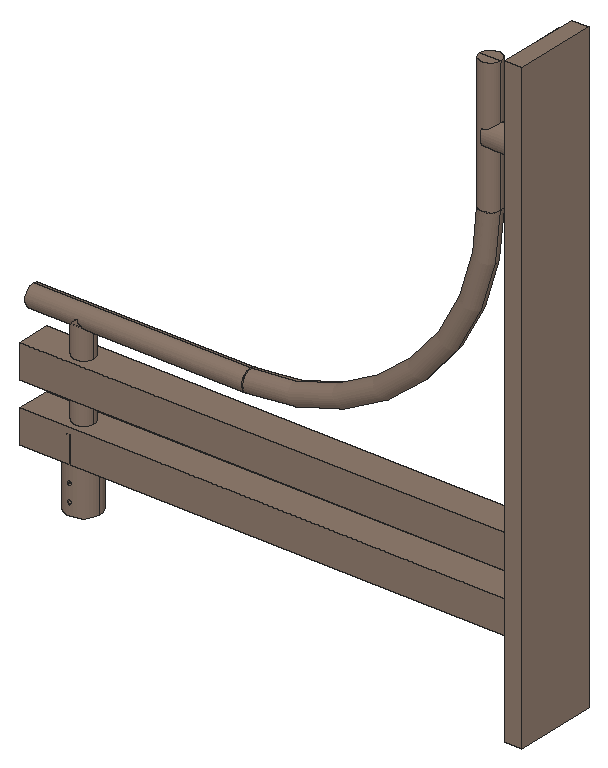
Revit family "WM355", category Generic Models, Revit 2014
Parameters
  WALL MOUNT = Bronze, Architectural
  COUPLING = Bronze, Architectural
  ARM = Bronze, Architectural
Reference planes (in)
  plane 1 "Center (Front/Back)": y = 0
  plane 2: z = 0
  plane 3 "Center (Left/Right)": x = 0
Forms (in)
  Revolve 1, solid, material "Bronze, Architectural" <- "ARM"
    sketch origin (0, 0, 0) x (1, 0, 0) y (0, 0, 1)
      loop
        line (-3.87532, 43.40877) -> (-3.87532, 51.40877) -> (-4.50032, 51.40877) -> (-4.50032, 43.40877) -> (-3.87532, 43.40877)
      axis (-3.87532, 43.40877) -> (-3.87532, 51.40877)
    angle from 0 to 360
  Revolve 2, solid, material "Bronze, Architectural" <- "ARM"
    sketch origin (0, 0, 0) x (1, 0, 0) y (0, 0, 1)
      loop
        line (-18.25032, 29.03377) -> (-18.25032, 29.65877) -> (-31.25032, 29.65877) -> (-31.25032, 29.03377) -> (-18.25032, 29.03377)
      axis (-18.25032, 29.03377) -> (-31.25032, 29.03377)
    angle from 0 to 360
  Sweep 3, solid, material "Bronze, Architectural" <- "ARM"
    path origin (0, 0, 0) x (1, 0, 0) y (0, 0, 1)
      loop
        arc (-3.87532, 43.40877) -> (-8.08566, 33.24411) -> (-18.25032, 29.03377) r 14.375
    profile origin (-8.08566, 0, 33.24411) x (0.707107, 0, -0.707107) y (0, -1, 0)
      loop
        circle (0, 0) r 0.625
  Revolve 4, solid, material "Bronze, Architectural" <- "COUPLING"
    sketch origin (0, 0, 0) x (1, 0, 0) y (0, 0, 1)
      loop
        line (-28.25032, 18.65877) -> (-28.25032, 23.02124) -> (-29.25032, 23.02124) -> (-29.25032, 18.65877) -> (-28.25032, 18.65877)
      axis (-28.25032, 23.02124) -> (-28.25032, 18.65877)
    angle from 0 to 360
  Extrusion 5, solid, material "Bronze, Architectural" <- "ARM"
    sketch origin (0, 0, 0) x (1, 0, 0) y (0, 0, 1)
      loop
        line (-1.25032, 24.90877) -> (-1.25032, 26.90877) -> (-31.25032, 26.90877) -> (-31.25032, 24.90877) -> (-1.25032, 24.90877)
      loop
        line (-1.25032, 21.40877) -> (-1.25032, 23.40877) -> (-31.25032, 23.40877) -> (-31.25032, 21.40877) -> (-1.25032, 21.40877)
    from -1 to 1
  Revolve 6, solid, material "Bronze, Architectural" <- "ARM"
    sketch origin (0, 0, 0) x (1, 0, 0) y (0, 0, 1)
      loop
        line (-1.26524, 47.40877) -> (-1.26524, 48.15877) -> (-3.87514, 48.15877) -> (-3.87514, 47.40877) -> (-1.26524, 47.40877)
      axis (-3.87514, 47.40877) -> (-1.26524, 47.40877)
    angle from 0 to 360
  Revolve 7, solid, material "Bronze, Architectural" <- "ARM"
    sketch origin (0, 0, 0) x (1, 0, 0) y (0, 0, 1)
      loop
        line (-28.87532, 23.02139) -> (-28.25032, 23.02139) -> (-28.25032, 29.03713) -> (-28.87532, 29.03713) -> (-28.87532, 23.02139)
      axis (-28.25032, 23.02139) -> (-28.25032, 29.03713)
    angle from 0 to 360
  Revolve 8, void
    sketch origin (0, 0, 0) x (1, 0, 0) y (0, 0, 1)
      loop
        line (-29.12532, 18.65877) -> (-28.25032, 18.65877) -> (-28.25032, 21.15877) -> (-29.12532, 21.15877) -> (-29.12532, 18.65877)
      axis (-28.25032, 18.65877) -> (-28.25032, 21.15877)
    angle from 0 to 360
  Extrusion 9, void
    sketch origin (0, 0, 0) x (1, 0, 0) y (0, 0, 1)
      loop
        circle (-28.25032, 20.40877) r 0.125
      loop
        circle (-28.25032, 19.40877) r 0.125
    from -1.10097 to 1.07171
  Extrusion 10, solid, material "Bronze, Architectural" <- "WALL MOUNT"
    sketch origin (0, 0, 0) x (1, 0, 0) y (0, 1, 0)
      loop
        line (-1.00032, 2.5) -> (-1.00032, -2.5) -> (0, -2.5) -> (0, 2.5) -> (-1.00032, 2.5)
    from 16.78331 to 53.28537
  Extrusion 11, solid, material "Bronze, Architectural" <- "WALL MOUNT"
    sketch origin (0, 0, 0) x (1, 0, 0) y (0, 1, 0)
      loop
        line (-1.37532, 2) -> (-1.37532, -2) -> (-1.00032, -2) -> (-1.00032, 2) -> (-1.37532, 2)
    from 17.10839 to 52.96
Cuts and joins
  Revolve 8, Extrusion 9 cuts Revolve 4
Lines and regions (in)
  model lines
    curve 1: line (-3.25032, 0, 48.15877) -> (-3.25032, 0, 46.65877)
Dimensions and locks (in)
  aligned and locked: plane 2 to level
